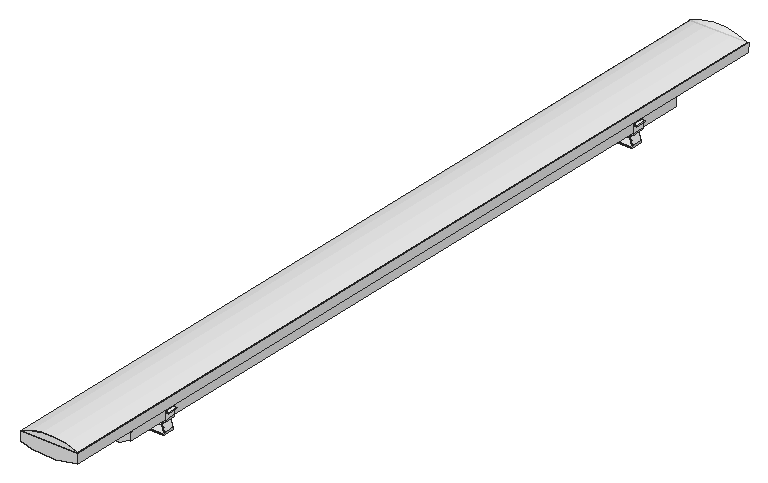
Revit family "Lighting-Industrial-GEWISS-SMART[3]PLUS-WATERTIGHT-LED_TRANSPARENT_1600mm", category Apparecchi per illuminazione, host Superficie, Revit 2019
Family settings
  Host = Superficie
  Quota connettore circolare = Usa diametro
  Tipo di parte = Normale
  Taglio con vuoti quando caricato = No
  Sorgente d'illuminazione = Sì
  Condiviso = No
  Punto di calcolo locali = No
Parameters (values of type "GWS3323AT957 - SMART3 PLUS 1600 T.W.DALI HE TRASP 9 57")
  Working temperature = "-25 +50 °C"
  Weight (kg): = ""
  Wattage = 27 W
  Warranty = "5 years"
  Voltage = "220-240 V "
  Visibilità simbolo [instance] = yes
  Visibilità pianta [instance] = not(Visibilità simbolo)  # no
  Visibilità etichetta [instance] = yes
  Version file RFA = "20.0"
  Variazione temperatura colore lampada con luminosità attenuata = (empty or 0)
  URL = "https://www.gewiss.com/ww/en"
  Typology = "DALI"
  Type of light source = "LED - Not replaceable"
  Technical sheet = "https://www.gewiss.com/ww/en/search?q=GWS3323AT957"
  System power = "50 W"
  Shock resistance = "IK08"
  Shield type = "Transparent"
  SEO = "Ceiling"
  Realized by GEWISS S.p.A. = ""
  Operating temperature: = "-25 +50 °C"
  Numero poli = 2
  built-in parameter 1150107 = 5700 (stored number, unit not read)
  Struttura = GRIGIO
  Stampa 1_200 = no
  Stampa 1_100 = not(Stampa 1_200)  # yes
  Spostamento_Y_etichetta [instance] = 0 mm
  Spostamento_Y_effettivo_etichetta [instance] = 1500 mm - Spostamento_Y_etichetta  # 1500 mm
  Spostamento_X_etichetta [instance] = 0 mm
  Spostamento_X_effettivo_etichetta [instance] = 1500 mm - Spostamento_X_etichetta  # 1500 mm
  Schermo. = Led Acceso
  Default Elevation = 1219.2 mm
  Produttore = "GEWISS S.p.A."
  built-in parameter 1150110 = 1 (stored number, unit not read)
  built-in parameter 1150109 = 1 (stored number, unit not read)
  built-in parameter 1114218 = 1 (stored number, unit not read)
  built-in parameter 1150112 = 1 (stored number, unit not read)
  Nominal flux (lm) = ""
  No. LED (#) = ""
  Modello = "GWS3323AT957"
  built-in parameter 1150137 = (empty or 0)
  built-in parameter 1150132 = (empty or 0)
  Lunghezza Lampada = 1600 mm  # constant formula
  Lumen output (lm) = "5900"
  Length = "1600 mm"
  Lampada = "LED"
  Lamp = "LED"
  LED LifeTime (L80B20) = ""
  LED Life time (L80B50) = ""
  LED Life time (L70) = ""
  LED Life Time (L90B50) = ""
  built-in parameter 1150105 = 1406.7 (stored number, unit not read)
  built-in parameter 1150102 = (empty or 0)
  Insulation class = "II"
  Immagine tipo = GWS3280TS.jpg
  built-in parameter 1150106 = 14.067 (stored number, unit not read)
  IP degree = "IP66/IP69"
  IFC.TypeObject = ""
  IFC.ExportType = ""
  IFC.ExportAs = ""
  IDT = "5236158c-1d15-421c-8690-1b1aa3a85baf"
  IDF = "012ff93d-6ea3-4203-a83f-40d6eaab17c7"
  Glow Wire Test = "850°C"
  Ganci = Alluminio
  Lumens = 4010.63 lm
  Color Filter = 16777215
  File diagramma fotometrico = "GWS3323AT957.IES"
  built-in parameter 1114217 = 1 (stored number, unit not read)
  built-in parameter 1150139 = (empty or 0)
  Failure rate apparecchio (50.000h, Tq=25Â° C) = ""
  Failure rate apparecchio (35.000h, Tq=35Â° C) = ""
  Emetti da lunghezza linea = 1200 mm
  Electrocod = "2434"
  Efficiency class of integrated LEDs = "A ÷ A++"
  built-in parameter 1150104 = 13.8 (stored number, unit not read)
  EAN code = ""
  Driver type = ""
  built-in parameter 1150115 = 1 (stored number, unit not read)
  built-in parameter 1150114 = 1 (stored number, unit not read)
  built-in parameter 1150113 = 1 (stored number, unit not read)
  Device with reduced surface temperature = ""
  Descrizione = "SMART3 PLUS 1600 T.W.DALI HE TRASP 9 57"
  Commenti sul wattaggio = "67W"
  Colour temperature: = "5700 K (CRI > 90)"
  Colour temperature = "5700 K (CRI > 90)"
  built-in parameter 1150134 = (empty or 0)
  built-in parameter 1150138 = (empty or 0)
  Catalogue Range = "SMART[3] PLUS"
  Catalogue = "LIGHTING"
  Carico apparente = 67 VA
  COBie.Tagnumber = ""
  COBie.CreatedOn = ""
  COBie.CreatebBy = ""
  COBie.ComponentRegisterItemID = ""
  COBie.Component.TagNumber = ""
  COBie.Component.Space = ""
  COBie.Component.SerialNumber = ""
  COBie.Component.InstallationDate = ""
  COBie.Component.Description = ""
  COBie.Component.BarCode = ""
  Application = "Indoor"
  Tilt Angle = -90.00°
  built-in parameter 1150133 = 10 (stored number, unit not read)
Types (24, lengths in mm): name | Typology | Technical sheet | System power | Modello | Lumen output (lm) | Immagine tipo | IDT | File diagramma fotometrico | Descrizione | Commenti sul wattaggio | Colour temperature: | Colour temperature | Carico apparente
  GWS3320AT840 - SMART3 PLUS 1600 ON/OFF HE TRASP 8 40 | "" | "https://www.gewiss.com/ww/en/search?q=GWS3320AT840" | "46 W" | "GWS3320AT840" | "7500" | GWS3158T.jpg | "1dea42e5-bf6d-4a64-bf79-1f9097b94284" | "GWS3320AT840.IES" | "SMART3 PLUS 1600 ON/OFF HE TRASP 8 40" | "26W" | "4000 K (CRI > 80)" | "4000 K (CRI > 80)" | 26 VA
  GWS3320AT857 - SMART3 PLUS 1600 ON/OFF HE TRASP 8 57 | "" | "https://www.gewiss.com/ww/en/search?q=GWS3320AT857" | "46 W" | "GWS3320AT857" | "7500" | GWS3158T30K.jpg | "5872fd4e-3398-45fb-9aa7-46d2105848e6" | "GWS3320AT857.IES" | "SMART3 PLUS 1600 ON/OFF HE TRASP 8 57" | "26W" | "5700 K (CRI > 80)" | "5700 K (CRI > 80)" | 26 VA
  GWS3320AT930 - SMART3 PLUS 1600 ON/OFF HE TRASP 9 30 | "" | "https://www.gewiss.com/ww/en/search?q=GWS3320AT930" | "46 W" | "GWS3320AT930" | "5500" | GWS3158T57K.jpg | "9dc883ae-5326-435c-87f7-c8fc60490d8b" | "GWS3320AT930.IES" | "SMART3 PLUS 1600 ON/OFF HE TRASP 9 30" | "26W" | "3000 K (CRI > 90)" | "3000 K (CRI > 90)" | 26 VA
  GWS3321AT940 - SMART3 PLUS 1600 DALI HE TRASP 9 40 | "DALI" | "https://www.gewiss.com/ww/en/search?q=GWS3321AT940" | "50 W" | "GWS3321AT940" | "5900" | GWS3258T.jpg | "80f0b5dc-7e2b-4495-80d1-4ca98f7b2571" | "GWS3321AT940.IES" | "SMART3 PLUS 1600 DALI HE TRASP 9 40" | "53W" | "4000 K (CRI > 90)" | "4000 K (CRI > 90)" | 53 VA
  GWS3321AT957 - SMART3 PLUS 1600 DALI HE TRASP 9 57 | "DALI" | "https://www.gewiss.com/ww/en/search?q=GWS3321AT957" | "50 W" | "GWS3321AT957" | "5900" | GWS3258T30K.jpg | "0ac0c6ad-823f-4a35-a602-ec293eb0d12b" | "GWS3321AT957.IES" | "SMART3 PLUS 1600 DALI HE TRASP 9 57" | "53W" | "5700 K (CRI > 90)" | "5700 K (CRI > 90)" | 53 VA
  GWS3322AT830 - SMART3 PLUS 1600 T.W.ON/OFF HE TRASP 8 30 | "" | "https://www.gewiss.com/ww/en/search?q=GWS3322AT830" | "46 W" | "GWS3322AT830" | "7100" | GWS3258T57K.jpg | "891a54ec-9c4b-4fe6-8147-e8af5e17396a" | "GWS3322AT830.IES" | "SMART3 PLUS 1600 T.W.ON/OFF HE TRASP 8 30" | "53W" | "3000 K (CRI > 80)" | "3000 K (CRI > 80)" | 53 VA
  GWS3320AT830 - SMART3 PLUS 1600 ON/OFF HE TRASP 8 30 | "" | "https://www.gewiss.com/ww/en/search?q=GWS3320AT830" | "46 W" | "GWS3320AT830" | "7100" | GWS3158TD30K.jpg | "74166fc5-ff36-4645-80f9-3804eeb086e3" | "GWS3320AT830.IES" | "SMART3 PLUS 1600 ON/OFF HE TRASP 8 30" | "27W" | "3000 K (CRI > 80)" | "3000 K (CRI > 80)" | 27 VA
  GWS3320AT940 - SMART3 PLUS 1600 ON/OFF HE TRASP 9 40 | "" | "https://www.gewiss.com/ww/en/search?q=GWS3320AT940" | "46 W" | "GWS3320AT940" | "5900" | GWS3158TD57K.jpg | "43188896-043e-4a11-b517-c4789bf4ce39" | "GWS3320AT940.IES" | "SMART3 PLUS 1600 ON/OFF HE TRASP 9 40" | "27W" | "4000 K (CRI > 90)" | "4000 K (CRI > 90)" | 27 VA
  GWS3320AT957 - SMART3 PLUS 1600 ON/OFF HE TRASP 9 57 | "" | "https://www.gewiss.com/ww/en/search?q=GWS3320AT957" | "46 W" | "GWS3320AT957" | "5900" | GWS3158TL.jpg | "a31f750a-cc8f-47bd-8818-0f88cfddb046" | "GWS3320AT957.IES" | "SMART3 PLUS 1600 ON/OFF HE TRASP 9 57" | "26W" | "5700 K (CRI > 90)" | "5700 K (CRI > 90)" | 26 VA
  GWS3321AT830 - SMART3 PLUS 1600 DALI HE TRASP 8 30 | "DALI" | "https://www.gewiss.com/ww/en/search?q=GWS3321AT830" | "50 W" | "GWS3321AT830" | "7100" | GWS3158TL30K.jpg | "2f529335-735a-43e4-ba2d-9f24904ea6ee" | "GWS3321AT830.IES" | "SMART3 PLUS 1600 DALI HE TRASP 8 30" | "26W" | "3000 K (CRI > 80)" | "3000 K (CRI > 80)" | 26 VA
  GWS3321AT840 - SMART3 PLUS 1600 DALI HE TRASP 8 40 | "DALI" | "https://www.gewiss.com/ww/en/search?q=GWS3321AT840" | "50 W" | "GWS3321AT840" | "7500" | GWS3158TL57K.jpg | "b9a35422-a80a-42b5-ae9c-132ab47620ad" | "GWS3321AT840.IES" | "SMART3 PLUS 1600 DALI HE TRASP 8 40" | "26W" | "4000 K (CRI > 80)" | "4000 K (CRI > 80)" | 26 VA
  GWS3321AT857 - SMART3 PLUS 1600 DALI HE TRASP 8 57 | "DALI" | "https://www.gewiss.com/ww/en/search?q=GWS3321AT857" | "50 W" | "GWS3321AT857" | "7500" | GWS3158TLD30K.jpg | "cc6f8e07-75e0-4402-b072-f876eee7ca9a" | "GWS3321AT857.IES" | "SMART3 PLUS 1600 DALI HE TRASP 8 57" | "27W" | "5700 K (CRI > 80)" | "5700 K (CRI > 80)" | 27 VA
  GWS3321AT930 - SMART3 PLUS 1600 DALI HE TRASP 9 30 | "DALI" | "https://www.gewiss.com/ww/en/search?q=GWS3321AT930" | "50 W" | "GWS3321AT930" | "5500" | GWS3158TLD57K.jpg | "d8d0e315-d929-4c71-b08d-b2a4a4d4c89e" | "GWS3321AT930.IES" | "SMART3 PLUS 1600 DALI HE TRASP 9 30" | "27W" | "3000 K (CRI > 90)" | "3000 K (CRI > 90)" | 27 VA
  GWS3322AT840 - SMART3 PLUS 1600 T.W.ON/OFF HE TRASP 8 40 | "" | "https://www.gewiss.com/ww/en/search?q=GWS3322AT840" | "46 W" | "GWS3322AT840" | "7500" | GWS3258TD.jpg | "02742af7-b760-483a-b676-c6e51fc7d43a" | "GWS3322AT840.IES" | "SMART3 PLUS 1600 T.W.ON/OFF HE TRASP 8 40" | "55W" | "4000 K (CRI > 80)" | "4000 K (CRI > 80)" | 55 VA
  GWS3322AT857 - SMART3 PLUS 1600 T.W.ON/OFF HE TRASP 8 57 | "" | "https://www.gewiss.com/ww/en/search?q=GWS3322AT857" | "46 W" | "GWS3322AT857" | "7500" | GWS3258T30K.jpg | "fa99473e-a6ee-45a2-b0a3-fe258dba9dd5" | "GWS3322AT857.IES" | "SMART3 PLUS 1600 T.W.ON/OFF HE TRASP 8 57" | "55W" | "5700 K (CRI > 80)" | "5700 K (CRI > 80)" | 55 VA
  GWS3322AT930 - SMART3 PLUS 1600 T.W.ON/OFF HE TRASP 9 30 | "" | "https://www.gewiss.com/ww/en/search?q=GWS3322AT930" | "46 W" | "GWS3322AT930" | "5500" | GWS3258TD57K.jpg | "79e8d14e-e43d-4766-a326-3c917a5a9046" | "GWS3322AT930.IES" | "SMART3 PLUS 1600 T.W.ON/OFF HE TRASP 9 30" | "55W" | "3000 K (CRI > 90)" | "3000 K (CRI > 90)" | 55 VA
  GWS3322AT940 - SMART3 PLUS 1600 T.W.ON/OFF HE TRASP 9 40 | "" | "https://www.gewiss.com/ww/en/search?q=GWS3322AT940" | "46 W" | "GWS3322AT940" | "5900" | GWS3258TL.jpg | "52982c0e-482a-4ddc-8be6-912f4021b25d" | "GWS3322AT940.IES" | "SMART3 PLUS 1600 T.W.ON/OFF HE TRASP 9 40" | "53W" | "4000 K (CRI > 90)" | "4000 K (CRI > 90)" | 53 VA
  GWS3322AT957 - SMART3 PLUS 1600 T.W.ON/OFF HE TRASP 9 57 | "" | "https://www.gewiss.com/ww/en/search?q=GWS3322AT957" | "46 W" | "GWS3322AT957" | "5900" | GWS3258TL30K.jpg | "4df2074f-b2b5-4fed-a9c8-d505ec21a00b" | "GWS3322AT957.IES" | "SMART3 PLUS 1600 T.W.ON/OFF HE TRASP 9 57" | "53W" | "5700 K (CRI > 90)" | "5700 K (CRI > 90)" | 53 VA
  GWS3323AT830 - SMART3 PLUS 1600 T.W.DALI HE TRASP 8 30 | "DALI" | "https://www.gewiss.com/ww/en/search?q=GWS3323AT830" | "50 W" | "GWS3323AT830" | "7100" | GWS3258TL57K.jpg | "2ceab000-1286-4161-a838-b757df2c3090" | "GWS3323AT830.IES" | "SMART3 PLUS 1600 T.W.DALI HE TRASP 8 30" | "53W" | "3000 K (CRI > 80)" | "3000 K (CRI > 80)" | 53 VA
  GWS3323AT840 - SMART3 PLUS 1600 T.W.DALI HE TRASP 8 40 | "DALI" | "https://www.gewiss.com/ww/en/search?q=GWS3323AT840" | "50 W" | "GWS3323AT840" | "7500" | GWS3258TLD.jpg | "d7f3308e-ac07-41f8-a7be-48a82cd76fb2" | "GWS3323AT840.IES" | "SMART3 PLUS 1600 T.W.DALI HE TRASP 8 40" | "55W" | "4000 K (CRI > 80)" | "4000 K (CRI > 80)" | 55 VA
  GWS3323AT857 - SMART3 PLUS 1600 T.W.DALI HE TRASP 8 57 | "DALI" | "https://www.gewiss.com/ww/en/search?q=GWS3323AT857" | "50 W" | "GWS3323AT857" | "7500" | GWS3258TLD30K.jpg | "67d773ab-6abf-4ec8-97a4-4386dc65aced" | "GWS3323AT857.IES" | "SMART3 PLUS 1600 T.W.DALI HE TRASP 8 57" | "55W" | "5700 K (CRI > 80)" | "5700 K (CRI > 80)" | 55 VA
  GWS3323AT930 - SMART3 PLUS 1600 T.W.DALI HE TRASP 9 30 | "DALI" | "https://www.gewiss.com/ww/en/search?q=GWS3323AT930" | "50 W" | "GWS3323AT930" | "5500" | GWS3258TLD57K.jpg | "cb1cb59a-c68e-4618-82ef-e38e6ccec05f" | "GWS3323AT930.IES" | "SMART3 PLUS 1600 T.W.DALI HE TRASP 9 30" | "55W" | "3000 K (CRI > 90)" | "3000 K (CRI > 90)" | 55 VA
  GWS3323AT957 - SMART3 PLUS 1600 T.W.DALI HE TRASP 9 57 | "DALI" | "https://www.gewiss.com/ww/en/search?q=GWS3323AT957" | "50 W" | "GWS3323AT957" | "5900" | GWS3280TS.jpg | "5236158c-1d15-421c-8690-1b1aa3a85baf" | "GWS3323AT957.IES" | "SMART3 PLUS 1600 T.W.DALI HE TRASP 9 57" | "67W" | "5700 K (CRI > 90)" | "5700 K (CRI > 90)" | 67 VA
  GWS3323AT940 - SMART3 PLUS 1600 T.W.DALI HE TRASP 9 40 | "DALI" | "https://www.gewiss.com/ww/en/search?q=GWS3323AT940" | "50 W" | "GWS3323AT940" | "5900" | GWS3280TLS.jpg | "efdd6b9e-b24a-46ba-ae07-3ce0557fda21" | "GWS3323AT940.IES" | "SMART3 PLUS 1600 T.W.DALI HE TRASP 9 40" | "67W" | "4000 K (CRI > 90)" | "4000 K (CRI > 90)" | 67 VA
Reference planes
  plane 1 "Centro (Fronte/Retro)": y = 0
  plane 2: z = 0
  plane 3 "Centro (Sinistra/Destra)": x = 0
  plane 4: x = -1500
  plane 5: y = -1500
  plane 6: x = 0
  plane 7: y = 0
Forms (mm)
  Extrusion 1, solid, material "Alluminio" <- "Ganci", detail levels medium+fine
    sketch origin (0, 0, 0) x (1, 0, 0) y (0, 0, 1)
      loop
        arc (31.431, -0.002) -> (34.576, 1.589) -> (35.156, 5.066) r 3.903
        line (35.156, 5.066) -> (29.612, 23.211)
        arc (29.612, 23.211) -> (29.883, 24.381) -> (31.032, 24.73) r 1.2
        line (31.032, 24.73) -> (34.307, 23.974)
        arc (34.307, 23.974) -> (36.765, 24.53) -> (37.859, 26.8) r 2.9
        line (37.859, 26.8) -> (37.859, 38.8)
        arc (37.859, 38.8) -> (37.648, 39.694) -> (37.059, 40.4) r 2
        line (37.059, 40.4) -> (37.059, 42.71) -> (42.861, 40.598) -> (43.203, 41.538) -> (37.53, 43.603)
        arc (37.53, 43.603) -> (37.019, 43.613) -> (36.605, 43.311) r 0.8
        line (36.605, 43.311) -> (36.306, 26.139)
        arc (36.306, 26.139) -> (35.6, 25.444) -> (34.616, 25.34) r 1.5
        line (34.616, 25.34) -> (31.344, 26.095)
        arc (31.344, 26.095) -> (28.858, 25.335) -> (28.273, 22.802) r 2.6
        line (28.273, 22.802) -> (33.827, 4.636)
        arc (33.827, 4.636) -> (33.449, 2.415) -> (31.438, 1.4) r 2.5
        line (31.438, 1.4) -> (-31.437, 1.4)
        arc (-31.437, 1.4) -> (-33.449, 2.415) -> (-33.827, 4.636) r 2.5
        line (-33.827, 4.636) -> (-28.273, 22.802)
        arc (-28.273, 22.802) -> (-28.858, 25.335) -> (-31.344, 26.095) r 2.6
        line (-31.344, 26.095) -> (-34.616, 25.34)
        arc (-34.616, 25.34) -> (-35.6, 25.444) -> (-36.306, 26.139) r 1.5
        line (-36.306, 26.139) -> (-36.605, 43.311)
        arc (-36.605, 43.311) -> (-37.019, 43.613) -> (-37.53, 43.603) r 0.8
        line (-37.53, 43.603) -> (-43.203, 41.538) -> (-42.861, 40.598) -> (-37.059, 42.71) -> (-37.059, 40.4)
        arc (-37.059, 40.4) -> (-37.648, 39.694) -> (-37.859, 38.8) r 2
        line (-37.859, 38.8) -> (-37.859, 26.8)
        arc (-37.859, 26.8) -> (-36.765, 24.53) -> (-34.307, 23.974) r 2.9
        line (-34.307, 23.974) -> (-31.032, 24.73)
        arc (-31.032, 24.73) -> (-29.883, 24.381) -> (-29.612, 23.211) r 1.2
        line (-29.612, 23.211) -> (-35.156, 5.066)
        arc (-35.156, 5.066) -> (-34.576, 1.589) -> (-31.431, -0.002) r 3.903
        line (-31.431, -0.002) -> (31.431, -0.002)
    from 548.766 to 568.766
  Extrusion 2, solid, material "Alluminio" <- "Ganci", detail levels medium+fine
    sketch origin (0, 0, 0) x (1, 0, 0) y (0, 0, -1)
      loop
        line (31.431, 0.002) -> (-31.431, 0.002)
        arc (-31.431, 0.002) -> (-34.576, -1.589) -> (-35.156, -5.066) r 3.903
        line (-35.156, -5.066) -> (-29.612, -23.211)
        arc (-29.612, -23.211) -> (-29.883, -24.381) -> (-31.032, -24.73) r 1.2
        line (-31.032, -24.73) -> (-34.307, -23.974)
        arc (-34.307, -23.974) -> (-36.765, -24.53) -> (-37.859, -26.8) r 2.9
        line (-37.859, -26.8) -> (-37.859, -38.8)
        arc (-37.859, -38.8) -> (-37.648, -39.694) -> (-37.059, -40.4) r 2
        line (-37.059, -40.4) -> (-37.059, -42.71) -> (-42.861, -40.598) -> (-43.203, -41.538) -> (-37.53, -43.603)
        arc (-37.53, -43.603) -> (-37.019, -43.613) -> (-36.605, -43.311) r 0.8
        line (-36.605, -43.311) -> (-36.306, -26.139)
        arc (-36.306, -26.139) -> (-35.6, -25.444) -> (-34.616, -25.34) r 1.5
        line (-34.616, -25.34) -> (-31.344, -26.095)
        arc (-31.344, -26.095) -> (-28.858, -25.335) -> (-28.273, -22.802) r 2.6
        line (-28.273, -22.802) -> (-33.827, -4.636)
        arc (-33.827, -4.636) -> (-33.449, -2.415) -> (-31.437, -1.4) r 2.5
        line (-31.437, -1.4) -> (31.438, -1.4)
        arc (31.438, -1.4) -> (33.449, -2.415) -> (33.827, -4.636) r 2.5
        line (33.827, -4.636) -> (28.273, -22.802)
        arc (28.273, -22.802) -> (28.858, -25.335) -> (31.344, -26.095) r 2.6
        line (31.344, -26.095) -> (34.616, -25.34)
        arc (34.616, -25.34) -> (35.6, -25.444) -> (36.306, -26.139) r 1.5
        line (36.306, -26.139) -> (36.605, -43.311)
        arc (36.605, -43.311) -> (37.019, -43.613) -> (37.53, -43.603) r 0.8
        line (37.53, -43.603) -> (43.203, -41.538) -> (42.861, -40.598) -> (37.059, -42.71) -> (37.059, -40.4)
        arc (37.059, -40.4) -> (37.648, -39.694) -> (37.859, -38.8) r 2
        line (37.859, -38.8) -> (37.859, -26.8)
        arc (37.859, -26.8) -> (36.765, -24.53) -> (34.307, -23.974) r 2.9
        line (34.307, -23.974) -> (31.032, -24.73)
        arc (31.032, -24.73) -> (29.883, -24.381) -> (29.612, -23.211) r 1.2
        line (29.612, -23.211) -> (35.156, -5.066)
        arc (35.156, -5.066) -> (34.576, -1.589) -> (31.431, 0.002) r 3.903
    from 548.766 to 568.766
  Extrusion 3, solid, material "GRIGIO" <- "Struttura", detail levels medium+fine
    sketch origin (0, 0, 0) x (1, 0, 0) y (0, 0, 1)
      loop
        line (-36.331, 55.757) -> (-35.847, 28.018)
        arc (-35.847, 28.018) -> (-33.139, 27.27) -> (-30.416, 26.58) r 129.5
        arc (-30.416, 26.58) -> (-28.066, 25.76) -> (-25.915, 24.506) r 13
        arc (-25.915, 24.506) -> (-24.23, 23.324) -> (-22.521, 22.178) r 99.5
        arc (-22.521, 22.178) -> (-16.401, 19.063) -> (-9.748, 17.365) r 31.146
        line (-9.748, 17.365) -> (12.491, 17.365)
        arc (12.491, 17.365) -> (17.822, 19.098) -> (22.764, 21.745) r 31.646
        arc (22.764, 21.745) -> (24.509, 22.915) -> (26.228, 24.122) r 100
        arc (26.228, 24.122) -> (28.283, 25.313) -> (30.525, 26.095) r 12.5
        arc (30.525, 26.095) -> (33.437, 26.834) -> (36.332, 27.64) r 130
        line (36.332, 27.64) -> (36.824, 55.851)
        arc (36.824, 55.851) -> (24.914, 53.937) -> (12.909, 52.764) r 195.047
        line (12.909, 52.764) -> (-12.909, 52.764)
        arc (-12.909, 52.764) -> (-24.665, 53.905) -> (-36.331, 55.757) r 195.047
    from -650 to 650
  Extrusion 4, solid, material "GRIGIO" <- "Struttura", detail levels medium+fine
    sketch origin (0, 0, 0) x (1, 0, 0) y (0, 0, 1)
      loop
        line (54.725, 60.184) -> (55.177, 77.445) -> (-55.177, 77.445) -> (-54.725, 60.184)
        arc (-54.725, 60.184) -> (-34.019, 55.332) -> (-12.909, 52.764) r 195.047
        line (-12.909, 52.764) -> (12.909, 52.764)
        arc (12.909, 52.764) -> (34.019, 55.332) -> (54.725, 60.184) r 195.047
    from -800 to 800
  Extrusion 5, solid, material "Led Acceso" <- "Schermo.", detail levels medium+fine
    sketch origin (0, 0, 0) x (1, 0, 0) y (0, 0, 1)
      loop
        arc (54.697, 78.441) -> (-0.014, 90.457) -> (-54.723, 78.429) r 130.5
        arc (-54.723, 78.429) -> (-54.988, 77.838) -> (-54.5, 77.445) r 0.5
        line (-54.5, 77.445) -> (54.479, 77.445)
        arc (54.479, 77.445) -> (54.988, 77.855) -> (54.697, 78.441) r 0.522
    from -800 to 800
  Extrusion 6, solid, material "GRIGIO" <- "Struttura", detail levels coarse
    sketch origin (0, 0, 0) x (1, 0, 0) y (0, 0, 1)
      loop
        line (-54.5, 90.439) -> (-54.5, 0) -> (54.5, 0) -> (54.5, 90.439) -> (-54.5, 90.439)
    from -800 to 800
Lines and regions (mm)
  Masking region 1, visible <- "Visibilità pianta"
    outline origin (0, 0, 0) x (1, 0, 0) y (0, 1, 0)
      loop
        line (-55.177, 800) -> (-55.177, -800) -> (55.177, -800) -> (55.177, 800) -> (-55.177, 800)
  model lines, style "GEWISS - LIGHT 2D", not visible, detail levels medium+fine
    curve 1: arc (599.156, 237.359, 0) -> (604.568, 231.947, 0) -> (609.98, 237.359, 0) r 5.412
    curve 6: arc (581.804, 237.359, 0) -> (582.83, 230.601, 0) -> (585.816, 224.453, 0) r 22.764
    curve 7: arc (623.32, 224.453, 0) -> (626.306, 230.601, 0) -> (627.332, 237.359, 0) r 22.764
    curve 8: arc (609.98, -154.35, 0) -> (604.568, -148.937, 0) -> (599.156, -154.35, 0) r 5.412
    curve 14: arc (585.816, -141.444, 0) -> (582.83, -147.592, 0) -> (581.804, -154.35, 0) r 22.764
    curve 15: arc (627.332, -154.35, 0) -> (626.306, -147.592, 0) -> (623.32, -141.444, 0) r 22.764
    curve 22: line (581.804, 248.502, 0) -> (581.804, 237.359, 0)
    curve 23: line (581.804, 237.359, 0) -> (599.156, 237.359, 0)
    curve 24: line (599.156, 237.359, 0) -> (599.156, 248.502, 0)
    curve 25: line (599.156, 256.809, 0) -> (599.156, 262.193, 0)
    curve 26: line (609.98, 248.502, 0) -> (609.98, 237.359, 0)
    curve 27: line (609.98, 237.359, 0) -> (627.332, 237.359, 0)
    curve 28: line (627.332, 237.359, 0) -> (627.332, 248.502, 0)
    curve 39: line (581.804, -154.35, 0) -> (581.804, -165.498, 0)
    curve 40: line (581.804, -165.498, 0) -> (581.804, -154.35, 0)
    curve 41: line (581.804, -154.35, 0) -> (599.156, -154.35, 0)
    curve 42: line (599.156, -154.35, 0) -> (599.156, -165.498, 0)
    curve 43: line (609.98, -165.498, 0) -> (609.98, -154.35, 0)
    curve 44: line (609.98, -154.35, 0) -> (627.332, -154.35, 0)
    curve 45: line (627.332, -154.35, 0) -> (627.332, -165.498, 0)
    curve 46: line (627.332, -165.498, 0) -> (627.332, -154.35, 0)
    curve 47: line (609.98, -179.249, 0) -> (609.98, -173.749, 0)
    curve 50: line (599.156, -179.191, 0) -> (599.156, -173.807, 0)
    curve 94: circle (617.836, 259.501, 0) r 1.5 normal (0, 0, 1)
    curve 95: circle (591.836, 259.501, 0) r 1.5 normal (0, 0, 1)
    curve 96: arc (610.218, 256.751, 0) -> (612.968, 259.501, 0) -> (610.218, 262.251, 0) r 2.75
    curve 97: arc (599.718, 262.251, 0) -> (596.968, 259.501, 0) -> (599.718, 256.751, 0) r 2.75
    curve 102: circle (617.836, -176.499, 0) r 1.5 normal (0, 0, 1)
    curve 103: circle (591.836, -176.499, 0) r 1.5 normal (0, 0, 1)
    curve 104: arc (610.218, -179.249, 0) -> (612.968, -176.499, 0) -> (610.218, -173.749, 0) r 2.75
    curve 105: arc (599.718, -173.749, 0) -> (596.968, -176.499, 0) -> (599.718, -179.249, 0) r 2.75
    curve 184: line (599.718, 262.251, 0) -> (610.218, 262.251, 0)
    curve 185: line (599.718, 256.751, 0) -> (610.218, 256.751, 0)
    curve 194: line (599.718, -173.749, 0) -> (610.218, -173.749, 0)
    curve 195: line (599.718, -179.249, 0) -> (610.218, -179.249, 0)
    curve 214: line (604.568, 230.323, 0) -> (604.568, 244.394, 0)
    curve 215: line (611.603, 237.359, 0) -> (597.532, 237.359, 0)
    curve 216: line (604.568, -161.385, 0) -> (604.568, -147.314, 0)
    curve 217: line (611.603, -154.35, 0) -> (597.532, -154.35, 0)
    curve 223: line (617.836, 257.551, 0) -> (617.836, 261.451, 0)
    curve 224: line (619.786, 259.501, 0) -> (615.886, 259.501, 0)
    curve 225: line (591.836, 257.551, 0) -> (591.836, 261.451, 0)
    curve 226: line (593.786, 259.501, 0) -> (589.886, 259.501, 0)
    curve 227: line (603.293, 259.501, 0) -> (596.143, 259.501, 0)
    curve 228: line (610.218, 255.926, 0) -> (610.218, 263.076, 0)
    curve 229: line (613.793, 259.501, 0) -> (606.643, 259.501, 0)
    curve 230: line (617.836, -178.449, 0) -> (617.836, -174.549, 0)
    curve 231: line (619.786, -176.499, 0) -> (615.886, -176.499, 0)
    curve 232: line (591.836, -178.449, 0) -> (591.836, -174.549, 0)
    curve 233: line (593.786, -176.499, 0) -> (589.886, -176.499, 0)
    curve 234: line (599.718, -180.074, 0) -> (599.718, -172.924, 0)
    curve 235: line (603.293, -176.499, 0) -> (596.143, -176.499, 0)
    curve 236: line (610.218, -180.074, 0) -> (610.218, -172.924, 0)
    curve 237: line (613.793, -176.499, 0) -> (606.643, -176.499, 0)
    curve 238: arc (585.816, 224.453, 0) -> (604.568, 218.168, 0) -> (623.32, 224.453, 0) r 31.118
    curve 239: arc (623.32, -141.444, 0) -> (604.568, -135.159, 0) -> (585.816, -141.444, 0) r 31.118
  model lines, style "GEWISS - LIGHT 2D", not visible
    curve 2: arc (642.177, 315.223, 0) -> (641.755, 316.267, 0) -> (640.725, 316.723, 0) r 1.499
    curve 3: arc (640.726, -233.714, 0) -> (641.755, -233.258, 0) -> (642.177, -232.214, 0) r 1.499
    curve 4: arc (568.41, 316.723, 0) -> (567.381, 316.267, 0) -> (566.959, 315.223, 0) r 1.499
    curve 5: arc (566.959, -232.214, 0) -> (567.38, -233.258, 0) -> (568.409, -233.714, 0) r 1.499
    curve 16: line (568.41, 316.723, 0) -> (592.409, 317.119, 0)
    curve 17: line (592.409, 317.119, 0) -> (595.819, 317.196, 0)
    curve 18: line (595.819, 317.196, 0) -> (604.587, 317.348, 0)
    curve 19: line (604.587, 317.348, 0) -> (613.319, 317.196, 0)
    curve 20: line (613.319, 317.196, 0) -> (616.729, 317.119, 0)
    curve 21: line (616.729, 317.119, 0) -> (640.725, 316.723, 0)
    curve 29: line (568.409, -233.714, 0) -> (604.582, -234.348, 0)
    curve 30: line (604.582, -234.348, 0) -> (640.726, -233.714, 0)
    curve 31: line (642.177, -187.498, 0) -> (642.177, -232.214, 0)
    curve 32: line (642.177, 248.502, 0) -> (642.177, -165.498, 0)
    curve 33: line (642.177, 315.223, 0) -> (642.177, 270.502, 0)
    curve 34: line (566.959, 315.223, 0) -> (566.959, 270.502, 0)
    curve 35: line (566.959, 248.502, 0) -> (566.959, -165.498, 0)
    curve 36: line (566.959, -187.498, 0) -> (566.959, -232.214, 0)
    curve 37: line (604.549, -234.347, 0) -> (604.569, -233.348, 0)
    curve 38: line (604.569, -233.348, 0) -> (604.549, -234.347, 0)
    curve 48: line (609.989, -233.253, 0) -> (609.98, -232.753, 0)
    curve 49: line (609.98, -232.753, 0) -> (609.98, -187.498, 0)
    curve 51: line (599.147, -233.253, 0) -> (599.156, -232.753, 0)
    curve 52: line (599.156, -232.753, 0) -> (599.156, -187.498, 0)
    curve 53: line (604.568, -232.848, 0) -> (604.569, -233.348, 0)
    curve 54: line (604.569, -233.348, 0) -> (604.568, -232.848, 0)
    curve 69: arc (658.224, 441.447, 0) -> (657.902, 441.529, 0) -> (657.571, 441.558, 0) r 1.999
    curve 71: arc (659.744, 439.503, 0) -> (659.172, 440.906, 0) -> (657.781, 441.505, 0) r 1.998
    curve 72: arc (549.391, -356.494, 0) -> (549.963, -357.897, 0) -> (551.356, -358.495, 0) r 1.998
    curve 98: spline (648.539, 268.506, 0) -> (648.523, 268.767, 0) -> (648.475, 269.023, 0) -> (648.396, 269.27, 0) -> (648.287, 269.504, 0) -> (648.151, 269.721, 0) -> (647.989, 269.918, 0) -> (647.804, 270.09, 0) -> (647.599, 270.235, 0) -> (647.379, 270.35, 0) -> (647.146, 270.434, 0) -> (646.905, 270.485, 0) -> (646.66, 270.502, 0)
    curve 99: spline (646.66, 248.502, 0) -> (646.905, 248.519, 0) -> (647.146, 248.57, 0) -> (647.379, 248.654, 0) -> (647.599, 248.77, 0) -> (647.804, 248.916, 0) -> (647.989, 249.089, 0) -> (648.151, 249.286, 0) -> (648.287, 249.504, 0) -> (648.396, 249.739, 0) -> (648.475, 249.987, 0) -> (648.523, 250.245, 0) -> (648.539, 250.506, 0)
    curve 100: spline (561.397, 250.501, 0) -> (561.413, 250.24, 0) -> (561.461, 249.984, 0) -> (561.54, 249.736, 0) -> (561.648, 249.502, 0) -> (561.785, 249.284, 0) -> (561.947, 249.087, 0) -> (562.132, 248.915, 0) -> (562.336, 248.77, 0) -> (562.557, 248.654, 0) -> (562.79, 248.57, 0) -> (563.031, 248.519, 0) -> (563.276, 248.502, 0)
    curve 101: spline (563.276, 270.502, 0) -> (563.031, 270.485, 0) -> (562.79, 270.434, 0) -> (562.557, 270.35, 0) -> (562.336, 270.234, 0) -> (562.132, 270.089, 0) -> (561.947, 269.916, 0) -> (561.785, 269.72, 0) -> (561.648, 269.502, 0) -> (561.54, 269.267, 0) -> (561.461, 269.019, 0) -> (561.413, 268.763, 0) -> (561.397, 268.502, 0)
    curve 106: spline (648.539, -167.494, 0) -> (648.523, -167.233, 0) -> (648.475, -166.977, 0) -> (648.396, -166.73, 0) -> (648.287, -166.496, 0) -> (648.151, -166.279, 0) -> (647.989, -166.083, 0) -> (647.804, -165.911, 0) -> (647.599, -165.766, 0) -> (647.379, -165.65, 0) -> (647.146, -165.566, 0) -> (646.905, -165.515, 0) -> (646.66, -165.498, 0)
    curve 107: spline (646.66, -187.498, 0) -> (646.905, -187.481, 0) -> (647.146, -187.43, 0) -> (647.379, -187.346, 0) -> (647.599, -187.23, 0) -> (647.804, -187.084, 0) -> (647.989, -186.911, 0) -> (648.151, -186.714, 0) -> (648.287, -186.496, 0) -> (648.396, -186.261, 0) -> (648.475, -186.012, 0) -> (648.523, -185.755, 0) -> (648.539, -185.494, 0)
    curve 108: spline (561.397, -185.499, 0) -> (561.413, -185.76, 0) -> (561.461, -186.016, 0) -> (561.54, -186.264, 0) -> (561.648, -186.498, 0) -> (561.785, -186.716, 0) -> (561.947, -186.912, 0) -> (562.132, -187.085, 0) -> (562.336, -187.23, 0) -> (562.557, -187.346, 0) -> (562.79, -187.43, 0) -> (563.031, -187.481, 0) -> (563.276, -187.498, 0)
    curve 109: spline (563.276, -165.498, 0) -> (563.031, -165.516, 0) -> (562.79, -165.567, 0) -> (562.557, -165.651, 0) -> (562.336, -165.766, 0) -> (562.132, -165.912, 0) -> (561.947, -166.084, 0) -> (561.785, -166.281, 0) -> (561.648, -166.499, 0) -> (561.54, -166.733, 0) -> (561.461, -166.981, 0) -> (561.413, -167.238, 0) -> (561.397, -167.499, 0)
    curve 110: arc (657.245, -358.546, 0) -> (659.012, -357.814, 0) -> (659.745, -356.046, 0) r 2.5
    curve 111: arc (551.891, 441.558, 0) -> (550.123, 440.825, 0) -> (549.391, 439.058, 0) r 2.5
    curve 142: line (657.571, 441.558, 0) -> (604.567, 441.558, 0)
    curve 143: line (604.567, 441.558, 0) -> (551.891, 441.558, 0)
    curve 144: line (551.356, -358.495, 0) -> (604.568, -358.495, 0)
    curve 145: line (604.568, -358.495, 0) -> (657.245, -358.495, 0)
    curve 157: line (599.147, -233.253, 0) -> (604.569, -233.348, 0)
    curve 158: line (604.569, -233.348, 0) -> (609.989, -233.253, 0)
    curve 159: line (659.745, -356.046, 0) -> (659.745, 439.503, 0)
    curve 160: line (657.781, 441.505, 0) -> (604.567, 441.505, 0)
    curve 161: line (549.391, -356.494, 0) -> (549.391, 439.058, 0)
    curve 186: line (642.696, 270.501, 0) -> (642.427, 270.501, 0)
    curve 187: line (563.481, 270.502, 0) -> (563.276, 270.502, 0)
    curve 188: line (563.276, 270.502, 0) -> (646.454, 270.502, 0)
    curve 189: line (646.454, 270.502, 0) -> (646.66, 270.502, 0)
    curve 190: line (563.481, 248.502, 0) -> (563.276, 248.502, 0)
    curve 191: line (646.454, 248.502, 0) -> (646.66, 248.502, 0)
    curve 192: line (648.539, 250.506, 0) -> (648.539, 268.506, 0)
    curve 193: line (561.397, 250.501, 0) -> (561.397, 268.501, 0)
    curve 196: line (646.66, -165.498, 0) -> (646.454, -165.498, 0)
    curve 197: line (646.454, -165.498, 0) -> (642.696, -165.498, 0)
    curve 198: line (642.696, -165.498, 0) -> (642.427, -165.498, 0)
    curve 199: line (642.427, -165.498, 0) -> (639.905, -165.498, 0)
    curve 200: line (639.905, -165.498, 0) -> (636.805, -165.498, 0)
    curve 201: line (636.805, -165.498, 0) -> (573.13, -165.498, 0)
    curve 202: line (573.13, -165.498, 0) -> (570.031, -165.498, 0)
    curve 203: line (570.031, -165.498, 0) -> (567.508, -165.498, 0)
    curve 204: line (567.508, -165.498, 0) -> (567.24, -165.498, 0)
    curve 205: line (567.24, -165.498, 0) -> (563.481, -165.498, 0)
    curve 206: line (563.481, -165.498, 0) -> (563.276, -165.498, 0)
    curve 207: line (563.276, -187.498, 0) -> (563.481, -187.498, 0)
    curve 208: line (563.481, -187.498, 0) -> (646.454, -187.498, 0)
    curve 209: line (646.454, -187.498, 0) -> (646.66, -187.498, 0)
    curve 210: line (642.696, -187.499, 0) -> (642.427, -187.499, 0)
    curve 211: line (648.539, -185.494, 0) -> (648.539, -167.494, 0)
    curve 212: line (561.397, -185.499, 0) -> (561.397, -167.499, 0)
    curve 219: line (604.569, 276.529, 0) -> (604.569, -193.52, 0)
    curve 240: line (646.454, 248.502, 0) -> (563.276, 248.502, 0)
  model lines, style "GEWISS - LIGHT 2D", not visible, detail levels fine
    curve 9: arc (621.884, 350.407, 0) -> (621.798, 350.225, 0) -> (621.768, 350.027, 0) r 0.678
    curve 10: arc (622.621, 351.453, 0) -> (622.246, 350.935, 0) -> (621.884, 350.407, 0) r 25.107
    curve 11: arc (623.611, 352.703, 0) -> (623.106, 352.086, 0) -> (622.621, 351.453, 0) r 25.491
    curve 12: arc (626.634, 356.042, 0) -> (625.055, 354.434, 0) -> (623.611, 352.703, 0) r 27.8
    curve 13: arc (628.933, 357.976, 0) -> (627.762, 357.034, 0) -> (626.634, 356.042, 0) r 34.286
    curve 55: line (595.819, 317.196, 0) -> (595.819, 331.194, 0)
    curve 56: line (595.819, 331.194, 0) -> (595.823, 331.698, 0)
    curve 57: line (613.319, 317.196, 0) -> (613.319, 331.194, 0)
    curve 58: line (613.319, 331.194, 0) -> (613.315, 331.698, 0)
    curve 59: line (601.188, 333.427, 0) -> (595.819, 333.381, 0)
    curve 60: line (595.819, 333.381, 0) -> (592.551, 333.351, 0)
    curve 61: line (621.768, 349.976, 0) -> (621.768, 349.703, 0)
    curve 62: line (618.568, 339.703, 0) -> (618.568, 340.003, 0)
    curve 63: line (618.568, 340.003, 0) -> (618.568, 349.403, 0)
    curve 64: line (618.568, 349.403, 0) -> (618.568, 349.703, 0)
    curve 65: line (626.634, 356.042, 0) -> (625.666, 357.327, 0)
    curve 66: line (625.666, 357.327, 0) -> (625.303, 357.809, 0)
    curve 67: arc (615.276, 335.364, 0) -> (616.055, 336.638, 0) -> (614.919, 337.608, 0) r 1.15
    curve 68: arc (594.228, 337.608, 0) -> (593.084, 336.643, 0) -> (593.862, 335.364, 0) r 1.15
    curve 70: arc (618.493, 319.316, 0) -> (619.321, 319.921, 0) -> (619.181, 320.937, 0) r 1
    curve 73: arc (592.532, 331.227, 0) -> (592.389, 331.582, 0) -> (592.037, 331.731, 0) r 0.5
    curve 74: arc (617.101, 331.731, 0) -> (616.749, 331.582, 0) -> (616.606, 331.227, 0) r 0.5
    curve 75: arc (617.805, 349.703, 0) -> (617.188, 349.635, 0) -> (616.597, 349.441, 0) r 3
    curve 76: arc (606.569, 342.058, 0) -> (605.632, 343.753, 0) -> (603.698, 343.859, 0) r 2
    curve 77: arc (599.084, 344.854, 0) -> (601.221, 343.569, 0) -> (603.698, 343.859, 0) r 3.86
    curve 78: arc (598.376, 346.791, 0) -> (598.558, 345.76, 0) -> (599.084, 344.854, 0) r 3
    curve 79: arc (605.757, 349.962, 0) -> (611.115, 348.406, 0) -> (616.597, 349.441, 0) r 12
    curve 80: arc (622.068, 349.403, 0) -> (621.98, 349.615, 0) -> (621.768, 349.703, 0) r 0.3
    curve 81: arc (620.003, 351.317, 0) -> (619.679, 350.57, 0) -> (619.569, 349.763, 0) r 3
    curve 82: arc (603.144, 334.726, 0) -> (600.795, 328.007, 0) -> (607.888, 327.419, 0) r 4.5
    curve 83: arc (603.144, 334.726, 0) -> (605.626, 336.549, 0) -> (606.569, 339.481, 0) r 5
    curve 84: arc (602.226, 350.998, 0) -> (599.524, 350.005, 0) -> (598.376, 347.367, 0) r 3.66
    curve 85: arc (605.757, 349.962, 0) -> (604.052, 350.686, 0) -> (602.226, 350.998, 0) r 8
    curve 86: arc (621.772, 339.703, 0) -> (621.999, 339.807, 0) -> (622.068, 340.048, 0) r 0.3
    curve 87: arc (618.568, 339.703, 0) -> (617.972, 339.652, 0) -> (617.393, 339.5, 0) r 3.5
    curve 88: arc (617.393, 339.5, 0) -> (612.456, 336.19, 0) -> (609.712, 330.917, 0) r 12
    curve 89: arc (607.888, 327.419, 0) -> (609.019, 329.054, 0) -> (609.712, 330.917, 0) r 8
    curve 90: arc (620.895, 352.703, 0) -> (620.493, 352.099, 0) -> (620.105, 351.485, 0) r 29.999
    curve 91: arc (625.281, 357.788, 0) -> (623.014, 355.448, 0) -> (621.015, 352.877, 0) r 30
    curve 92: arc (627.608, 359.734, 0) -> (626.431, 358.8, 0) -> (625.303, 357.809, 0) r 29.995
    curve 93: circle (604.569, 330.458, 0) r 2.1 normal (0, 0, 1)
    curve 112: line (589.422, 320.458, 0) -> (589.069, 320.811, 0)
    curve 113: line (589.069, 320.811, 0) -> (589.069, 322.709, 0)
    curve 114: line (589.069, 322.709, 0) -> (589.069, 323.958, 0)
    curve 115: line (589.069, 323.958, 0) -> (589.422, 323.958, 0)
    curve 116: line (589.422, 323.958, 0) -> (590.069, 323.958, 0)
    curve 117: line (590.069, 323.958, 0) -> (590.069, 324.958, 0)
    curve 118: line (590.069, 324.958, 0) -> (589.422, 324.958, 0)
    curve 119: line (589.422, 324.958, 0) -> (589.069, 324.958, 0)
    curve 120: line (589.069, 324.958, 0) -> (589.069, 328.104, 0)
    curve 121: line (589.069, 328.104, 0) -> (589.422, 328.458, 0)
    curve 122: line (589.422, 324.958, 0) -> (589.422, 328.458, 0)
    curve 123: line (589.422, 328.458, 0) -> (591.069, 328.458, 0)
    curve 124: line (591.069, 328.458, 0) -> (591.069, 322.54, 0)
    curve 125: line (591.069, 322.54, 0) -> (591.069, 320.458, 0)
    curve 126: line (591.069, 320.458, 0) -> (589.422, 320.458, 0)
    curve 127: line (589.422, 320.458, 0) -> (589.422, 322.54, 0)
    curve 128: line (589.422, 322.54, 0) -> (589.422, 323.958, 0)
    curve 129: line (606.208, 337.608, 0) -> (602.469, 337.608, 0)
    curve 130: line (602.469, 337.608, 0) -> (599.469, 337.608, 0)
    curve 131: line (599.469, 337.608, 0) -> (596.069, 337.608, 0)
    curve 132: line (596.069, 337.608, 0) -> (594.228, 337.608, 0)
    curve 133: line (606.469, 338.477, 0) -> (606.569, 341.457, 0)
    curve 134: line (606.469, 341.458, 0) -> (602.469, 341.458, 0)
    curve 135: line (602.469, 341.458, 0) -> (599.469, 341.458, 0)
    curve 136: line (599.469, 341.458, 0) -> (596.519, 341.458, 0)
    curve 137: line (596.519, 341.458, 0) -> (594.919, 341.458, 0)
    curve 138: line (594.919, 341.458, 0) -> (593.969, 341.458, 0)
    curve 139: line (593.969, 341.458, 0) -> (593.969, 337.58, 0)
    curve 140: line (614.019, 337.651, 0) -> (614.969, 337.606, 0)
    curve 141: line (614.969, 337.606, 0) -> (614.969, 338.32, 0)
    curve 146: line (604.55, 335.458, 0) -> (595.819, 335.382, 0)
    curve 147: line (595.819, 335.382, 0) -> (592.569, 335.353, 0)
    curve 148: line (592.569, 335.353, 0) -> (592.551, 333.351, 0)
    curve 149: line (616.587, 333.351, 0) -> (616.569, 335.353, 0)
    curve 150: line (616.569, 335.353, 0) -> (613.319, 335.381, 0)
    curve 151: line (613.319, 335.381, 0) -> (611.803, 335.395, 0)
    curve 152: line (592.515, 329.208, 0) -> (591.069, 329.208, 0)
    curve 153: line (591.069, 329.208, 0) -> (591.069, 319.708, 0)
    curve 154: line (591.069, 319.708, 0) -> (592.432, 319.708, 0)
    curve 155: line (618.493, 319.316, 0) -> (616.711, 319.145, 0)
    curve 156: line (616.667, 324.145, 0) -> (619.181, 320.937, 0)
    curve 162: line (610.544, 333.306, 0) -> (613.388, 333.281, 0)
    curve 163: line (613.388, 333.281, 0) -> (618.088, 333.24, 0)
    curve 164: line (618.088, 333.24, 0) -> (618.088, 331.74, 0)
    curve 165: line (618.088, 331.74, 0) -> (613.388, 331.699, 0)
    curve 166: line (613.388, 331.699, 0) -> (609.914, 331.668, 0)
    curve 167: line (600.232, 331.66, 0) -> (595.75, 331.699, 0)
    curve 168: line (595.75, 331.699, 0) -> (591.05, 331.74, 0)
    curve 169: line (591.05, 331.74, 0) -> (591.05, 333.24, 0)
    curve 170: line (591.05, 333.24, 0) -> (595.75, 333.281, 0)
    curve 171: line (595.75, 333.281, 0) -> (601.102, 333.328, 0)
    curve 172: line (592.409, 317.119, 0) -> (592.532, 331.227, 0)
    curve 173: line (616.729, 317.119, 0) -> (616.606, 331.227, 0)
    curve 174: line (621.768, 349.703, 0) -> (618.568, 349.703, 0)
    curve 175: line (618.568, 349.703, 0) -> (617.805, 349.703, 0)
    curve 176: line (606.569, 342.058, 0) -> (606.569, 339.481, 0)
    curve 177: line (598.376, 347.367, 0) -> (598.376, 346.791, 0)
    curve 178: line (618.568, 339.703, 0) -> (621.772, 339.703, 0)
    curve 179: line (622.068, 349.403, 0) -> (622.068, 340.048, 0)
    curve 180: line (620.002, 351.317, 0) -> (620.086, 351.453, 0)
    curve 181: line (621.015, 352.877, 0) -> (620.895, 352.703, 0)
    curve 182: line (628.933, 357.976, 0) -> (627.969, 359.255, 0)
    curve 183: line (627.969, 359.255, 0) -> (627.608, 359.734, 0)
    curve 213: line (589.258, 324.458, 0) -> (591.233, 324.458, 0)
    curve 218: line (592.659, 324.458, 0) -> (590.924, 324.458, 0)
    curve 220: line (604.569, 327.728, 0) -> (604.569, 333.188, 0)
    curve 221: line (607.299, 330.458, 0) -> (601.839, 330.458, 0)
    curve 222: line (618.568, 350.343, 0) -> (618.568, 339.063, 0)
  model lines, style "GEWISS - LIGHT 2D", not visible, detail levels coarse
    curve 241: arc (515.447, 800, 0) -> (513.679, 799.268, 0) -> (512.947, 797.5, 0) r 2.5
    curve 242: line (623.301, 800, 0) -> (515.447, 800, 0)
    curve 243: line (512.947, -800, 0) -> (623.301, -800, 0)
    curve 244: line (623.301, -800, 0) -> (623.301, 800, 0)
    curve 245: line (512.947, -800, 0) -> (512.947, 797.5, 0)
    curve 246: line (568.125, 575.964, 0) -> (568.125, -769.036, 0)
    curve 248: arc (515.447, -800, 0) -> (513.679, -799.268, 0) -> (512.947, -797.5, 0) r 2.5
  model lines, style "GEWISS - LIGHT 2D", detail levels coarse
    curve 247: arc (-52.678, -188.779, 0) -> (-54.446, -188.047, 0) -> (-55.178, -186.279, 0) r 2.5
Dimensions and locks
  plane 4 to plane 3 "Centro (Sinistra/Destra)" = 1500 mm
  "Spostamento_X_effettivo_etichetta": plane 4 to plane 6
  "Spostamento_Y_effettivo_etichetta": plane 7 to plane 5
  plane 1 "Centro (Fronte/Retro)" to plane 5 = 1500 mm
  aligned and locked: plane 2 to host face
  aligned and locked: level to host face
  aligned and locked: Masking region 1 sketch curve to Extrusion 4  (x3)
  aligned and locked: plane 6 to nested 1
  aligned and locked: nested 1 to plane 7
  aligned and locked: nested 2 to plane 1 "Centro (Fronte/Retro)"
  aligned and locked: plane 3 "Centro (Sinistra/Destra)" to nested 2
Automatic sketch dimensions
  host sketch curve to host sketch curve = 2438.4 mm  (x2)
  Extrusion 1 sketch curve to Extrusion 1 sketch curve = 0 mm  (x28)
  Extrusion 1 sketch curve to plane 3 "Centro (Sinistra/Destra)" = 43.203 mm
  level to Extrusion 1 sketch curve = 40.598 mm
  Extrusion 1 sketch curve to Extrusion 1 sketch curve = 0.342 mm  (x2)
  Extrusion 1 sketch curve to Extrusion 1 sketch curve = 5.002 mm  (x2)
  Extrusion 1 sketch curve to Extrusion 1 sketch curve = 0.329 mm
  Extrusion 1 sketch curve to Extrusion 1 sketch curve = 0.271 mm  (x2)
  Extrusion 1 sketch curve to Extrusion 1 sketch curve = 0.8 mm  (x2)
  Extrusion 1 sketch curve to Extrusion 1 sketch curve = 0.454 mm  (x2)
  Extrusion 1 sketch curve to Extrusion 1 sketch curve = 1.554 mm
  Extrusion 1 sketch curve to Extrusion 1 sketch curve = 2 mm
  level to Extrusion 1 sketch curve = 5.066 mm  (x2)
  Extrusion 1 sketch curve to Extrusion 1 sketch curve = 1.15 mm
  Extrusion 1 sketch curve to Extrusion 1 sketch curve = 1.346 mm  (x2)
  Extrusion 1 sketch curve to Extrusion 1 sketch curve = 0.343 mm  (x2)
  level to Extrusion 1 sketch curve = 4.636 mm  (x2)
  Extrusion 1 sketch curve to Extrusion 1 sketch curve = 1.329 mm  (x2)
  level to Extrusion 1 sketch curve = 1.4 mm
  Extrusion 1 sketch curve to Extrusion 1 sketch curve = 2.389 mm  (x2)
  Extrusion 1 sketch curve to Extrusion 1 sketch curve = 0.007 mm  (x2)
  Extrusion 1 sketch curve to Extrusion 1 sketch curve = 3.584 mm  (x2)
  Extrusion 1 sketch curve to Extrusion 1 sketch curve = 0.273 mm  (x2)
  plane 3 "Centro (Sinistra/Destra)" to Extrusion 1 sketch curve = 30.759 mm
  Extrusion 1 sketch curve to level = 0.002 mm
  Extrusion 1 sketch curve to Extrusion 1 sketch curve = 0.672 mm
  Extrusion 1 sketch curve to Extrusion 1 sketch curve = 0.9 mm
  level to Extrusion 1 sketch curve = 26.139 mm
  Extrusion 1 sketch curve to Extrusion 1 sketch curve = 0.746 mm
  Extrusion 1 sketch curve to Extrusion 1 sketch curve = 0.2 mm
  Extrusion 1 sketch curve to Extrusion 1 sketch curve = 2.577 mm
  Extrusion 1 sketch curve to Extrusion 1 sketch curve = 18.496 mm
  Extrusion 1 sketch curve to Extrusion 1 sketch curve = 1.169 mm  (x2)
  Extrusion 1 sketch curve to Extrusion 1 sketch curve = 0.799 mm  (x2)
  Extrusion 1 sketch curve to Extrusion 1 sketch curve = 0.609 mm
  Extrusion 1 sketch curve to Extrusion 1 sketch curve = 1.798 mm  (x2)
  Extrusion 1 sketch curve to Extrusion 1 sketch curve = 12 mm
  Extrusion 1 sketch curve to Extrusion 1 sketch curve = 0.94 mm  (x2)
  Extrusion 1 sketch curve to Extrusion 1 sketch curve = 0.14 mm  (x2)
  Extrusion 1 sketch curve to Extrusion 1 sketch curve = 0.309 mm  (x2)
  Extrusion 1 sketch curve to Extrusion 1 sketch curve = 0.312 mm  (x2)
  Extrusion 1 sketch curve to Extrusion 1 sketch curve = 1.148 mm  (x2)
  Extrusion 1 sketch curve to Extrusion 1 sketch curve = 1.339 mm
  Extrusion 1 sketch curve to Extrusion 1 sketch curve = 2.486 mm
  Extrusion 1 sketch curve to Extrusion 1 sketch curve = 0.409 mm  (x2)
  Extrusion 2 sketch curve to Extrusion 2 sketch curve = 0 mm  (x28)
  Extrusion 2 sketch curve to plane 3 "Centro (Sinistra/Destra)" = 43.203 mm
  level to Extrusion 2 sketch curve = 40.598 mm
  Extrusion 2 sketch curve to Extrusion 2 sketch curve = 0.342 mm  (x2)
  Extrusion 2 sketch curve to Extrusion 2 sketch curve = 5.002 mm  (x2)
  Extrusion 2 sketch curve to Extrusion 2 sketch curve = 0.329 mm
  Extrusion 2 sketch curve to Extrusion 2 sketch curve = 0.271 mm  (x2)
  Extrusion 2 sketch curve to Extrusion 2 sketch curve = 0.8 mm  (x2)
  Extrusion 2 sketch curve to Extrusion 2 sketch curve = 0.454 mm  (x2)
  Extrusion 2 sketch curve to Extrusion 2 sketch curve = 1.554 mm
  Extrusion 2 sketch curve to Extrusion 2 sketch curve = 2 mm
  level to Extrusion 2 sketch curve = 5.066 mm  (x2)
  Extrusion 2 sketch curve to Extrusion 2 sketch curve = 1.15 mm
  Extrusion 2 sketch curve to Extrusion 2 sketch curve = 1.346 mm  (x2)
  Extrusion 2 sketch curve to Extrusion 2 sketch curve = 0.343 mm  (x2)
  level to Extrusion 2 sketch curve = 4.636 mm  (x2)
  Extrusion 2 sketch curve to Extrusion 2 sketch curve = 1.329 mm  (x2)
  level to Extrusion 2 sketch curve = 1.4 mm
  Extrusion 2 sketch curve to Extrusion 2 sketch curve = 2.389 mm  (x2)
  Extrusion 2 sketch curve to Extrusion 2 sketch curve = 0.007 mm  (x2)
  Extrusion 2 sketch curve to Extrusion 2 sketch curve = 3.584 mm  (x2)
  Extrusion 2 sketch curve to Extrusion 2 sketch curve = 0.273 mm  (x2)
  plane 3 "Centro (Sinistra/Destra)" to Extrusion 2 sketch curve = 30.759 mm
  Extrusion 2 sketch curve to level = 0.002 mm
  Extrusion 2 sketch curve to Extrusion 2 sketch curve = 0.672 mm
  Extrusion 2 sketch curve to Extrusion 2 sketch curve = 0.9 mm
  level to Extrusion 2 sketch curve = 26.139 mm
  Extrusion 2 sketch curve to Extrusion 2 sketch curve = 0.746 mm
  Extrusion 2 sketch curve to Extrusion 2 sketch curve = 0.2 mm
  Extrusion 2 sketch curve to Extrusion 2 sketch curve = 14.46 mm
  Extrusion 2 sketch curve to Extrusion 2 sketch curve = 0.94 mm  (x2)
  Extrusion 2 sketch curve to Extrusion 2 sketch curve = 0.14 mm  (x2)
  Extrusion 2 sketch curve to Extrusion 2 sketch curve = 2.31 mm  (x2)
  Extrusion 2 sketch curve to Extrusion 2 sketch curve = 12 mm
  Extrusion 2 sketch curve to Extrusion 2 sketch curve = 0.661 mm  (x2)
  Extrusion 2 sketch curve to Extrusion 2 sketch curve = 0.609 mm  (x2)
  Extrusion 2 sketch curve to Extrusion 2 sketch curve = 1.169 mm  (x2)
  Extrusion 2 sketch curve to Extrusion 2 sketch curve = 0.309 mm  (x2)
  Extrusion 2 sketch curve to Extrusion 2 sketch curve = 0.312 mm  (x2)
  Extrusion 2 sketch curve to Extrusion 2 sketch curve = 1.148 mm  (x2)
  Extrusion 2 sketch curve to Extrusion 2 sketch curve = 1.339 mm
  Extrusion 2 sketch curve to Extrusion 2 sketch curve = 2.486 mm
  Extrusion 2 sketch curve to Extrusion 2 sketch curve = 1.365 mm  (x2)
  Extrusion 3 sketch curve to plane 3 "Centro (Sinistra/Destra)" = 36.331 mm
  Extrusion 3 sketch curve to Extrusion 3 sketch curve = 0.484 mm
  Extrusion 3 sketch curve to Extrusion 3 sketch curve = 2.34 mm
  Extrusion 3 sketch curve to plane 3 "Centro (Sinistra/Destra)" = 32.068 mm
  Extrusion 3 sketch curve to plane 3 "Centro (Sinistra/Destra)" = 12.909 mm
  Extrusion 3 sketch curve to plane 3 "Centro (Sinistra/Destra)" = 9.748 mm
  Extrusion 3 sketch curve to plane 3 "Centro (Sinistra/Destra)" = 5.421 mm
  Extrusion 3 sketch curve to plane 3 "Centro (Sinistra/Destra)" = 0.057 mm
  Extrusion 3 sketch curve to plane 3 "Centro (Sinistra/Destra)" = 0.007 mm
  Extrusion 3 sketch curve to plane 3 "Centro (Sinistra/Destra)" = 0.001 mm
  plane 3 "Centro (Sinistra/Destra)" to Extrusion 3 sketch curve = 0.057 mm
  plane 3 "Centro (Sinistra/Destra)" to Extrusion 3 sketch curve = 5.412 mm
  plane 3 "Centro (Sinistra/Destra)" to Extrusion 3 sketch curve = 12.491 mm
  Extrusion 3 sketch curve to Extrusion 3 sketch curve = 7.496 mm
  plane 3 "Centro (Sinistra/Destra)" to Extrusion 3 sketch curve = 32.059 mm
  Extrusion 3 sketch curve to Extrusion 3 sketch curve = 21.008 mm
  Extrusion 3 sketch curve to Extrusion 3 sketch curve = 2.833 mm
  Extrusion 3 sketch curve to Extrusion 3 sketch curve = 23.916 mm
  level to Extrusion 3 sketch curve = 13.953 mm  (x2)
  level to Extrusion 3 sketch curve = 17.365 mm  (x2)
  Extrusion 3 sketch curve to Extrusion 3 sketch curve = 13.687 mm
  Extrusion 3 sketch curve to Extrusion 3 sketch curve = 14.064 mm
  Extrusion 3 sketch curve to Extrusion 3 sketch curve = 30.844 mm
  Extrusion 3 sketch curve to Extrusion 3 sketch curve = 0 mm  (x3)
  Extrusion 3 sketch curve to Extrusion 3 sketch curve = 4.555 mm
  Extrusion 3 sketch curve to Extrusion 3 sketch curve = 2.993 mm
  Extrusion 3 sketch curve to Extrusion 3 sketch curve = 3.087 mm
  Extrusion 3 sketch curve to Extrusion 3 sketch curve = 49.52 mm
  Extrusion 3 sketch curve to Extrusion 3 sketch curve = 49.615 mm
  Extrusion 3 sketch curve to Extrusion 3 sketch curve = 47.089 mm
  Extrusion 3 sketch curve to Extrusion 3 sketch curve = 5.431 mm
  Extrusion 3 sketch curve to Extrusion 3 sketch curve = 4.5 mm
  Extrusion 3 sketch curve to Extrusion 3 sketch curve = 10.273 mm
  Extrusion 3 sketch curve to Extrusion 3 sketch curve = 3.465 mm
  Extrusion 3 sketch curve to Extrusion 3 sketch curve = 4.297 mm
  Extrusion 4 sketch curve to plane 3 "Centro (Sinistra/Destra)" = 55.177 mm
  Extrusion 4 sketch curve to Extrusion 4 sketch curve = 0.452 mm  (x2)
  Extrusion 4 sketch curve to plane 3 "Centro (Sinistra/Destra)" = 12.909 mm
  Extrusion 4 sketch curve to plane 3 "Centro (Sinistra/Destra)" = 0.057 mm
  plane 3 "Centro (Sinistra/Destra)" to Extrusion 4 sketch curve = 0.057 mm
  plane 3 "Centro (Sinistra/Destra)" to Extrusion 4 sketch curve = 12.909 mm
  Extrusion 4 sketch curve to Extrusion 4 sketch curve = 41.816 mm
  level to Extrusion 4 sketch curve = 52.764 mm
  Extrusion 4 sketch curve to Extrusion 4 sketch curve = 7.42 mm  (x2)
  Extrusion 4 sketch curve to Extrusion 4 sketch curve = 17.262 mm
  Extrusion 5 sketch curve to plane 3 "Centro (Sinistra/Destra)" = 0 mm
  Extrusion 5 sketch curve to plane 3 "Centro (Sinistra/Destra)" = 54.5 mm
  plane 3 "Centro (Sinistra/Destra)" to Extrusion 5 sketch curve = 54.479 mm
  Extrusion 5 sketch curve to level = 40.043 mm
  level to Extrusion 5 sketch curve = 77.445 mm
  Extrusion 5 sketch curve to Extrusion 5 sketch curve = 0.5 mm
  Extrusion 5 sketch curve to Extrusion 5 sketch curve = 0.522 mm
  Extrusion 5 sketch curve to Extrusion 5 sketch curve = 0.21 mm
  Extrusion 5 sketch curve to Extrusion 5 sketch curve = 0.014 mm
  Extrusion 5 sketch curve to Extrusion 5 sketch curve = 0 mm
  Extrusion 6 sketch curve to level = 0 mm
  Extrusion 6 sketch curve to plane 3 "Centro (Sinistra/Destra)" = 54.5 mm
  plane 3 "Centro (Sinistra/Destra)" to Extrusion 6 sketch curve = 54.5 mm
  Extrusion 6 sketch curve to Extrusion 6 sketch curve = 90.439 mm
  curve 247 to plane 3 "Centro (Sinistra/Destra)" = 52.678 mm
  plane 1 "Centro (Fronte/Retro)" to curve 247 = 186.279 mm
  curve 247 to curve 247 = 2.5 mm
  Masking region 1 sketch curve to plane 1 "Centro (Fronte/Retro)" = 800 mm
Nested families
  nested 1: "ETICHETTA WATTAGGIO" at (0, 0, 0), visible <- "Visibilità etichetta", type "ETICHETTA WATTAGGIO"
  nested 2: "SMART 3 PLAFONIERE LED TRASPARENTI 1600 mm_Simbolo" at (0, 0, 0) x (0, 1, 0) z (0, 0, 1), visible <- "Visibilità simbolo", type "SMART 3 PLAFONIERE LED TRASPARENTI 1600 mm_Simbolo"
Connectors
  electrical at (0, 0, 0), driven by "Carico apparente", driven by "Numero poli"
    settings: on Masking region 1, index 1, voltage 230 V, apparent load 0 VA, apparent load phase1 67 VA, apparent load phase2 0 VA, apparent load phase3 0 VA, power factor 1, load classification "Illuminazione", number of poles 2, system type 31, power factor state 1, is connector primary yes, connector utility no, sub classification motor no, connector description ""
Definition of nested family "ETICHETTA WATTAGGIO"
  Parameters (values of type "ETICHETTA WATTAGGIO")
    GW - Potenza di sistema = ""
    GW - Numero LED = ""
    COMMENTI = "13W"
    1_200 = no
    1_100 = yes
  Reference planes
    plane 1: y = 0
    plane 2: x = 0
  Text (mm)
    label "GW - Potenza di sistema\nGW - Numero LED LED" at (-0.057, -0.214, 0), shows "GW - Potenza di sistema", "GW - Numero LED", visible <- "1_100"
    label "GW - Potenza di sistema\nGW - Numero LED LED " at (-0.057, -0.214, 0), shows "GW - Potenza di sistema", "GW - Numero LED", visible <- "1_200"
Definition of nested family "SMART 3 PLAFONIERE LED TRASPARENTI 1600 mm_Simbolo"
  Reference planes
    plane 1 "Centro (Fronte/Retro)": y = 0
    plane 2: z = 0
    plane 3 "Centro (Sinistra/Destra)": x = 0
  Lines and regions (mm)
    detail lines, in view "Livello rif."
      curve 1: line (-647.881, 0, 0) -> (-52.881, 0, 0)
      curve 2: line (700, -84.286, 0) -> (-700, -84.286, 0)
      curve 3: line (-700, -84.286, 0) -> (-700, 84.286, 0)
      curve 4: line (-700, 84.286, 0) -> (700, 84.286, 0)
      curve 5: line (700, 84.286, 0) -> (700, -84.286, 0)
      curve 6: line (30.063, -41.294, 0) -> (-52.881, 0, 0)
      curve 7: line (-52.881, 0, 0) -> (30.063, 41.791, 0)
      curve 8: line (30.063, 41.791, 0) -> (30.063, -41.294, 0)
      curve 9: line (-52.881, 41.543, 0) -> (-52.881, -41.543, 0)
      curve 10: line (647.881, 0, 0) -> (52.881, 0, 0)
